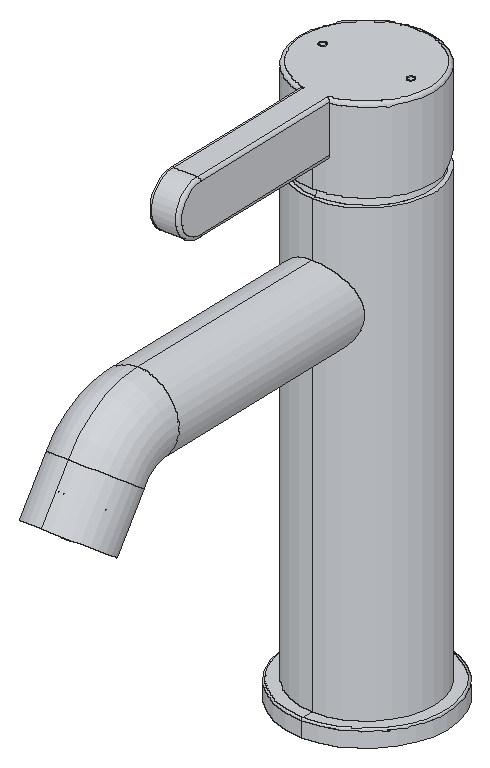
Revit family "Faucet-Lavatory-KOHLER-Atom-K-29335T", category Plumbing Fixtures, host Face, Revit 2021
Family settings
  Host = Face
  Round Connector Dimension = Use Diameter
  Part Type = Normal
  OmniClass Number = 23.31.11.00
  OmniClass Title = Faucets
  Cut with Voids When Loaded = No
  Shared = No
  Room Calculation Point = No
Parameters (values of type "CP-Polished Chrome")
  Width = 1.9685"  # constant formula
  WaterSense Certified = 1 = 0  # no
  Waste Water Outlet = "Waste Water Outlet"  # constant formula
  Waste Connection = 1 = 0  # no
  Vent Connection = 1 = 0  # no
  URL = "http://www.kohler.com.cn/"
  Type = 1
  Spout Reach = Length  # 4.33071"
  Product Page URL = ""
  Product Name = "Atom"  # constant formula
  Product Documentation Link = ""
  Pressure = 0.00 psi
  Model = "K-29335T-4-CP"  # constant formula
  Material = "Premium Metal Construction"  # constant formula
  Master Format 2014 Name = "Residential Faucets, Supplies, and Trim"  # constant formula
  Master Format 2014 = "22 41 39"  # constant formula
  Manufacturer Address = "Kohler Beijing Office (100016) 36-2-03-B, No. 88, Liuxiang Road, Beijing"  # constant formula
  Manufacturer = "Kohler Co."  # constant formula
  Length = 4.33071"  # constant formula
  Hot Water Inlet = "Hot Water Inlet"  # constant formula
  Height = 6.62992"  # constant formula
  Handle Clearance = 2.95276"  # constant formula
  HW Connection = 1 = 1  # yes
  Flow Rate = 2.2 GPM  # constant formula
  Finish = Kohler-Metal-CP-Polished_Chrome
  Environmental Product Declaration = ""
  Drain Included = 1 = 0  # no
  Description = "Single Control Lavatory Faucet With Upright Handle"  # constant formula
  Default Elevation = 36"
  Declare Label = ""
  Date Modified = "12/26/2023"  # constant formula
  Date Created = "12/26/2023"  # constant formula
  Copyright = "Copyright Kohler Co."  # constant formula
  Contact Us = "http://www.kohler.com.cn/contact/contact-us/"
  Cold Water Inlet = "Cold Water Inlet"  # constant formula
  CW Connection = 1 = 1  # yes
  Assembly Code = "D2010"
  ADA Compliant = 1 = 0  # no
Reference planes (in)
  plane 1 "Center (Front/Back)": y = 0
  plane 2: z = 0
  plane 3 "Center (Left/Right)": x = 0
  plane 4: y = 0.98425
  plane 5: x = -0.98425
  plane 6: x = 0.98425
  plane 7: y = -0.98425
  plane 8: y = -2.95276
  plane 9: y = -4.71654
  plane 10: z = 3.55512
  plane 11: z = 6.62992
  plane 12: y = -4.33071
  plane 13: through (0, -2.1777, 6.62994) normal (0, -0.8192, 0.5736)
  plane 14: x = -0.51181
  plane 15: x = 0.51181
  plane 16: x = -0.7874
  plane 17: y = 0.7874
  plane 18: x = 0.7874
  plane 19: y = -0.7874
  plane 20: through (0, 0.74802, 0) normal (0, 0.5736, 0.8192)
Dimensions and locks (in)
  plane 9 to plane 1 "Center (Front/Back)" = 4.71654"
  plane 14 to plane 15 = 1.02362"
  plane 1 "Center (Front/Back)" to plane 17 = 0.7874"
  plane 16 to plane 14 = 0.27559"
  "Height": plane 11 to level
  "Handle Clearance": plane 1 "Center (Front/Back)" to plane 8
  plane 4 to plane 9 = 5.70079"
  level to plane 10 = 3.55512"
  plane 4 to plane 7 = 1.9685"
  "Length": plane 1 "Center (Front/Back)" to plane 12
  "Width": plane 5 to plane 6
  aligned and locked: plane 2 to host face
  aligned and locked: level to host face
  aligned and locked: plane 1 "Center (Front/Back)" to nested 1
  aligned and locked: plane 3 "Center (Left/Right)" to nested 1
Automatic sketch dimensions
  host sketch curve to host sketch curve = 96"  (x2)
Nested families (in)
  nested 1: "K-29335T" at (0, 0, 0), type "K-29335T"
Connectors (in)
  piping at (-0.51181, 0, 0), diameter 0.5, driven by "Flow Rate", driven by "HW Connection", driven by "Hot Water Inlet"
    settings: on nested 1, index 1, connector inside diameter 24", connector length 0", flow factor 0, pipe flow 2.2 GPM, pressure drop 0.00 psi, fitting loss kfactor 0, connector angle 0.00°, fixture units 0, engagement length 0", angle of deflection 0.00°, flow configuration 1, flow direction 1, fitting loss method 0, system type 19, joint type 0, gender type 0, connector reference index -1, connector utility 1, adjustable connector no, is connector primary yes, connector description "Hot Water Inlet"
  piping at (0.51181, 0, 0), diameter 0.5, driven by "Flow Rate", driven by "CW Connection", driven by "Cold Water Inlet"
    settings: on nested 1, index 2, connector inside diameter 24", connector length 0", flow factor 0, pipe flow 2.2 GPM, pressure drop 0.00 psi, fitting loss kfactor 0, connector angle 0.00°, fixture units 0, engagement length 0", angle of deflection 0.00°, flow configuration 1, flow direction 1, fitting loss method 0, system type 20, joint type 0, gender type 0, connector reference index -1, connector utility 1, adjustable connector no, is connector primary no, connector description "Cold Water Inlet"
Definition of nested family "K-29335T"
  Parameters
    Material = none
    Default Elevation = 0"
  Reference planes (in)
    plane 1 "Center (Front/Back)": y = 0
    plane 2: z = 0
    plane 3 "Center (Left/Right)": x = 0
    plane 4: y = 0.98425
    plane 5: y = -0.98425
    plane 6: z = 6.62992
    plane 7: y = -4.33071
    plane 8: y = -4.71654
    plane 9: x = -0.98425
    plane 10: x = 0.98425
    plane 11: y = -2.95276
    plane 12: z = 3.55512
    plane 13: through (0, -4.33071, 3.55512) normal (0, 0.8192, -0.5736)
    plane 14: x = 0.51181
    plane 15: x = -0.51181
    plane 16: x = -0.7874
    plane 17: x = 0.7874
    plane 18: y = -0.7874
    plane 19: y = 0.7874
    plane 20: through (0, -4.71654, 3.82632) normal (0, -0.5736, -0.8192)
  Forms (in)
    Revolve 1, solid, material <- "Material", detail levels medium+fine
      sketch origin (0, 0, 0) x (0, 1, 0) y (0, 0, 1)
        loop
          line (0, 0) -> (0.94478, 0) -> (0.94478, 0.17717)
          arc (0.94478, 0.17717) -> (0.93902, 0.19108) -> (0.9251, 0.19685) r 0.01969
          line (0.9251, 0.19685) -> (0.7874, 0.19685) -> (0.7874, 5.53916) -> (0.73239, 5.53916)
          arc (0.73239, 5.53916) -> (0.66595, 5.7435) -> (0.5446, 5.92082) r 0.75436
          line (0.5446, 5.92082) -> (0, 5.92082) -> (0, 0)
        axis (0, 0) -> (0, 5.92082)
      angle from 0 to 360
    Revolve 2, solid, material <- "Material", detail levels medium+fine
      sketch origin (0, 0, 0) x (0, 1, 0) y (0, 0, 1)
        loop
          line (0, 5.64536) -> (0, 6.62994) -> (-0.74803, 6.62994)
          arc (-0.74803, 6.62994) -> (-0.77587, 6.61841) -> (-0.7874, 6.59057) r 0.03937
          line (-0.7874, 6.59057) -> (-0.7874, 5.64536) -> (0, 5.64536)
        axis (0, 6.62994) -> (0, 5.64536)
      angle from 0 to 360
    Extrusion 3, void
      sketch origin (0, 0, 0) x (0, 1, 0) y (0, 0, 1)
        loop
          line (0.98812, 5.96475) -> (-0.00947, 5.59583) -> (0.98812, 5.59583) -> (0.98812, 5.96475)
      from -1.0149 to 1.00536
    Extrusion 4, void
      sketch origin (0, 0, 0) x (1, 0, 0) y (0, 0, 1)
        loop
          circle (0, 6.26388) r 0.14173
      from -0.98812 to -0.64136
    Extrusion 5, solid, detail levels medium+fine
      sketch origin (0, 0, 0) x (1, 0, 0) y (0, 0, 1)
        loop
          circle (0, 6.26388) r 0.1378
      from -0.78748 to -0.64136
    Revolve 6, solid, material <- "Material", detail levels coarse
      sketch origin (0, 0, 0) x (0, 1, 0) y (0, 0, 1)
        loop
          line (0, 0) -> (0.98425, 0) -> (0.98425, 0.19685) -> (0.7874, 0.19685) -> (0.7874, 5.60121) -> (0.58407, 5.92082) -> (0, 5.92082) -> (0, 0)
        axis (0, 0) -> (0, 5.92082)
      angle from 0 to 360
    Revolve 7, solid, material <- "Material", detail levels coarse
      sketch origin (0, 0, 0) x (0, 1, 0) y (0, 0, 1)
        loop
          line (0, 5.64536) -> (0, 6.62994) -> (-0.74803, 6.62994)
          arc (-0.74803, 6.62994) -> (-0.77587, 6.61841) -> (-0.7874, 6.59057) r 0.03937
          line (-0.7874, 6.59057) -> (-0.7874, 5.64536) -> (0, 5.64536)
        axis (0, 6.62994) -> (0, 5.64536)
      angle from 0 to 360
    Sweep 8, solid, material <- "Material", detail levels medium+fine
      path origin (0, 0, 0) x (0, 1, 0) y (0, 0, 1)
        loop
          line (-4.33139, 3.55415) -> (-3.94567, 4.10503)
          arc (-3.94567, 4.10503) -> (-3.67372, 4.34352) -> (-3.32238, 4.42949) r 0.7609
          line (-3.32238, 4.42949) -> (-0.18232, 4.42949)
      profile origin (0, -1.75235, 4.42949) x (0, 0, 1) y (1, 0, 0)
        loop
          circle (0, 0) r 0.47244
    Sweep 9, void
      path origin (0, 0, 0) x (0, 1, 0) y (0, 0, 1)
        loop
          line (-4.3973, 3.46003) -> (-4.11658, 3.86094)
      profile origin (0, -4.25694, 3.66048) x (0, -0.819152, 0.573576) y (1, 0, 0)
        loop
          circle (0, 0) r 0.43307
    Revolve 10, solid, detail levels medium+fine
      sketch origin (0, 0, 0) x (0, 1, 0) y (0, 0, 1)
        loop
          line (-4.338, 3.54472) -> (-4.11658, 3.86094) -> (-4.47133, 4.10934) -> (-4.58424, 3.94809) -> (-4.47639, 3.87257) -> (-4.54101, 3.75262) -> (-4.50996, 3.73088)
          arc (-4.50996, 3.73088) -> (-4.43501, 3.62761) -> (-4.338, 3.54472) r 0.54215
        axis (-4.11658, 3.86094) -> (-4.338, 3.54472)
      angle from 0 to 360
    Extrusion 11, void
      sketch origin (0, 0, 0) x (0, 1, 0) y (0, 0, 1)
        loop
          line (-4.41231, 3.52874) -> (-4.32874, 3.47023) -> (-4.20965, 3.64032) -> (-4.29321, 3.69883) -> (-4.41231, 3.52874)
      from -0.34375 to 0.31622
    Sweep 12, solid, material <- "Material", detail levels coarse
      path origin (0, 0, 0) x (0, 1, 0) y (0, 0, 1)
        loop
          line (-4.33139, 3.55415) -> (-3.94567, 4.10503)
          arc (-3.94567, 4.10503) -> (-3.67372, 4.34352) -> (-3.32238, 4.42949) r 0.7609
          line (-3.32238, 4.42949) -> (-0.18232, 4.42949)
      profile origin (0, -1.75235, 4.42949) x (0, 0, 1) y (1, 0, 0)
        loop
          circle (0, 0) r 0.47244
    Extrusion 13, void
      sketch origin (0, 0, 0) x (1, 0, 0) y (0, 1, 0)
        loop
          circle (-0.51181, 0) r 0.03937
      from 6.53296 to 6.66894
    Extrusion 14, void
      sketch origin (0, 0, 0) x (-1, 0, 0) y (0, -1, 0)
        loop
          circle (-0.51181, 0) r 0.03937
      from 6.53296 to 6.66894
    Extrusion 15, solid
      sketch origin (0, 0, 0) x (1, 0, 0) y (0, 1, 0)
        loop
          circle (-0.51181, 0) r 0.03937
      from 6.53296 to 6.62994
    Extrusion 16, solid
      sketch origin (0, 0, 0) x (-1, 0, 0) y (0, -1, 0)
        loop
          circle (-0.51181, 0) r 0.03937
      from 6.53296 to 6.62994
    Extrusion 17, solid, material <- "Material"
      sketch origin (0, 0, 0) x (1, 0, 0) y (0, 1, 0)
        loop
          circle (-0.51181, 0) r 0.11811
      from 0 to 0.19685
    Extrusion 18, solid, material <- "Material"
      sketch origin (0, 0, 0) x (1, 0, 0) y (0, 1, 0)
        loop
          circle (0.51181, 0) r 0.11811
      from 0 to 0.19685
    Sweep 19, solid, material <- "Material", detail levels medium+fine
      path origin (0, 0, 0) x (0, 1, 0) y (0, 0, 1)
        loop
          line (-0.37047, 6.62994) -> (-2.6343, 6.62994)
          arc (-2.6343, 6.62994) -> (-2.94925, 6.31499) -> (-2.6343, 6.00004) r 0.31495
          line (-2.6343, 6.00004) -> (-0.37047, 6.00004)
      profile origin (0, -1.50239, 6.62994) x (0, 0, -1) y (1, 0, 0)
        loop
          arc (0, -0.13845) -> (0.01153, -0.16629) -> (0.03937, -0.17782) r 0.03937
          line (0.03937, -0.17782) -> (0.07487, -0.17782) -> (0.07487, 0.17782) -> (0.03937, 0.17782)
          arc (0.03937, 0.17782) -> (0.01153, 0.16629) -> (0, 0.13845) r 0.03937
          line (0, 0.13845) -> (0, -0.13845)
    Extrusion 20, solid, material <- "Material", detail levels medium+fine
      sketch origin (0, 0, 0) x (0, 1, 0) y (0, 0, 1)
        loop
          line (-2.6343, 6.07492) -> (-0.71408, 6.07492) -> (-0.71408, 6.55507) -> (-2.6343, 6.55507)
          arc (-2.6343, 6.55507) -> (-2.87438, 6.31499) -> (-2.6343, 6.07492) r 0.24007
      from -0.17782 to 0.17782
    Extrusion 21, solid, material <- "Material", detail levels coarse
      sketch origin (0, 0, 0) x (0, 1, 0) y (0, 0, 1)
        loop
          line (-0.60747, 6.62994) -> (-2.62906, 6.62994)
          arc (-2.62906, 6.62994) -> (-2.94401, 6.31499) -> (-2.62906, 6.00004) r 0.31495
          line (-2.62906, 6.00004) -> (-0.60747, 6.00004) -> (-0.60747, 6.62994)
      from -0.17782 to 0.17782
  Cuts and joins
    Sweep 9 cuts Sweep 8
    Extrusion 11 cuts Revolve 10
    Extrusion 13, Extrusion 14 cuts Revolve 7
    joined: Revolve 7, Extrusion 21
    Extrusion 3, Extrusion 4, Extrusion 13, Extrusion 14 cuts Revolve 2
    joined: Revolve 2, Sweep 19, Extrusion 20
  Lines and regions (in)
    Masking region 1
      outline origin (0, 0, 0) x (1, 0, 0) y (0, 1, 0)
        loop
          arc (-0.98425, 0) -> (-0.8471, -0.50179) -> (-0.47244, -0.86269) r 0.97995
          line (-0.47244, -0.86269) -> (-0.47244, -4.33066)
          arc (-0.47244, -4.33066) -> (-0.45728, -4.43034) -> (-0.41315, -4.52101) r 0.33515
          arc (-0.41315, -4.52101) -> (-0.33562, -4.60507) -> (-0.23776, -4.66424) r 0.40693
          arc (-0.23776, -4.66424) -> (-0.12133, -4.7015) -> (0, -4.71654) r 0.65683
          arc (0, -4.71654) -> (0.12133, -4.7015) -> (0.23776, -4.66424) r 0.65683
          arc (0.23776, -4.66424) -> (0.33562, -4.60507) -> (0.41315, -4.52101) r 0.40693
          arc (0.41315, -4.52101) -> (0.45728, -4.43034) -> (0.47244, -4.33066) r 0.33515
          line (0.47244, -4.33066) -> (0.47244, -0.86269)
          arc (0.47244, -0.86269) -> (0.8471, -0.50179) -> (0.98425, 0) r 0.97995
          arc (0.98425, 0) -> (0.72525, 0.66541) -> (0.08454, 0.98061) r 0.98425
          arc (0.08454, 0.98061) -> (0.04231, 0.98334) -> (0, 0.98425) r 0.98425
          arc (0, 0.98425) -> (-0.04216, 0.98335) -> (-0.08424, 0.98064) r 0.98425
          arc (-0.08424, 0.98064) -> (-0.72514, 0.66552) -> (-0.98425, 0) r 0.98425
    Masking region 2
      outline origin (0, 0, 0) x (1, 0, 0) y (0, 0, 1)
        loop
          line (-0.7874, 6.59055) -> (-0.7874, 5.6457) -> (-0.7314, 5.6457)
          arc (-0.7314, 5.6457) -> (-0.74734, 5.59322) -> (-0.75653, 5.53914) r 0.43336
          line (-0.75653, 5.53914) -> (-0.7874, 5.53914) -> (-0.7874, 0.19688) -> (-0.96457, 0.19688)
          arc (-0.96457, 0.19688) -> (-0.97849, 0.19111) -> (-0.98425, 0.17719) r 0.01969
          line (-0.98425, 0.17719) -> (-0.98425, 0) -> (0, 0) -> (0.98425, 0) -> (0.98425, 0.17719)
          arc (0.98425, 0.17719) -> (0.97849, 0.19111) -> (0.96457, 0.19688) r 0.01969
          line (0.96457, 0.19688) -> (0.7874, 0.19688) -> (0.7874, 5.53914) -> (0.75653, 5.53914)
          arc (0.75653, 5.53914) -> (0.74734, 5.59322) -> (0.7314, 5.6457) r 0.43336
          line (0.7314, 5.6457) -> (0.7874, 5.6457) -> (0.7874, 6.59055)
          arc (0.7874, 6.59055) -> (0.77587, 6.61839) -> (0.74803, 6.62992) r 0.03937
          line (0.74803, 6.62992) -> (0, 6.62992) -> (-0.74803, 6.62992)
          arc (-0.74803, 6.62992) -> (-0.77587, 6.61839) -> (-0.7874, 6.59055) r 0.03937
    Masking region 3
      outline origin (0, 0, 0) x (0, 1, 0) y (0, 0, 1)
        loop
          arc (0.7874, 6.59055) -> (0.77587, 6.61839) -> (0.74803, 6.62992) r 0.03937
          line (0.74803, 6.62992) -> (-2.63871, 6.62992)
          arc (-2.63871, 6.62992) -> (-2.79005, 6.59162) -> (-2.90496, 6.48594) r 0.31817
          arc (-2.90496, 6.48594) -> (-2.94209, 6.4041) -> (-2.95276, 6.31485) r 0.29396
          arc (-2.95276, 6.31485) -> (-2.94487, 6.22906) -> (-2.91229, 6.1493) r 0.29203
          arc (-2.91229, 6.1493) -> (-2.79611, 6.03524) -> (-2.63871, 5.99358) r 0.31817
          line (-2.63871, 5.99358) -> (-0.86614, 5.99358)
          arc (-0.86614, 5.99358) -> (-0.81046, 5.97052) -> (-0.7874, 5.91484) r 0.07874
          line (-0.7874, 5.91484) -> (-0.7874, 5.64542) -> (-0.7299, 5.64542)
          arc (-0.7299, 5.64542) -> (-0.74428, 5.59249) -> (-0.75655, 5.53903) r 1.38621
          line (-0.75655, 5.53903) -> (-0.7874, 5.53903) -> (-0.7874, 4.94864)
          arc (-0.7874, 4.94864) -> (-0.79893, 4.92081) -> (-0.82677, 4.90927) r 0.03937
          line (-0.82677, 4.90927) -> (-3.20361, 4.90927)
          arc (-3.20361, 4.90927) -> (-3.87298, 4.74548) -> (-4.39108, 4.29112) r 1.44963
          line (-4.39108, 4.29112) -> (-4.71654, 3.82632) -> (-3.94334, 3.28492) -> (-3.60574, 3.76706)
          arc (-3.60574, 3.76706) -> (-3.43995, 3.91246) -> (-3.22575, 3.96487) r 0.46388
          line (-3.22575, 3.96487) -> (-0.82677, 3.96487)
          arc (-0.82677, 3.96487) -> (-0.79893, 3.95334) -> (-0.7874, 3.9255) r 0.03937
          line (-0.7874, 3.9255) -> (-0.7874, 0.19685) -> (-0.96457, 0.19685)
          arc (-0.96457, 0.19685) -> (-0.97849, 0.19108) -> (-0.98425, 0.17717) r 0.01969
          line (-0.98425, 0.17717) -> (-0.98425, 0) -> (0, 0) -> (0.98425, 0) -> (0.98425, 0.17717)
          arc (0.98425, 0.17717) -> (0.97849, 0.19108) -> (0.96457, 0.19685) r 0.01969
          line (0.96457, 0.19685) -> (0.7874, 0.19685) -> (0.7874, 1.22045) -> (0.7874, 5.53917) -> (0.75665, 5.53917)
          arc (0.75665, 5.53917) -> (0.71167, 5.69256) -> (0.63735, 5.83408) r 0.80761
          line (0.63735, 5.83408) -> (0.7874, 5.88869) -> (0.7874, 6.59055)
    symbolic lines, detail levels medium+fine
      curve 1: arc (0, 0.82626, 0) -> (-0.03711, 0.82539, 0) -> (-0.07414, 0.82285, 0) r 0.82668
      curve 2: line (-0.47244, -0.86269, 0) -> (-0.47244, -0.70151, 0)
      curve 3: arc (-0.49089, -0.6649, 0) -> (-0.47732, -0.68101, 0) -> (-0.47244, -0.70151, 0) r 0.04554
      curve 4: arc (-0.47244, -0.83704, 0) -> (-0.93205, 0.24725, 0) -> (0, 0.96712, 0) r 0.96409
      curve 5: line (-0.07414, 0.82285, 0) -> (-0.12447, 0.82285, 0)
      curve 6: arc (-0.12447, 0.82285, 0) -> (-0.13974, 0.82, 0) -> (-0.15294, 0.81182, 0) r 0.04225
      curve 7: arc (0, 0.78781, 0) -> (-0.78002, 0.1035, 0) -> (-0.20573, -0.76073, 0) r 0.7881
      curve 8: circle (-0.51181, 0, 0) r 0.03937 normal (0, 0, 1)
      curve 9: line (-0.47244, -3.21903, 0) -> (0, -3.21903, 0)
      curve 10: arc (0, -4.37926, 0) -> (-0.22601, -4.33153, 0) -> (-0.40785, -4.18908, 0) r 0.51056
      curve 11: arc (-0.40785, -4.18908, 0) -> (-0.45116, -4.11627, 0) -> (-0.47244, -4.03426, 0) r 0.30058
      curve 12: arc (0, 0.82626, 0) -> (0.03711, 0.82539, 0) -> (0.07414, 0.82285, 0) r 0.82668
      curve 13: line (0.47244, -0.86269, 0) -> (0.47244, -0.70151, 0)
      curve 14: arc (0.49089, -0.6649, 0) -> (0.47732, -0.68101, 0) -> (0.47244, -0.70151, 0) r 0.04554
      curve 15: arc (0.47244, -0.83704, 0) -> (0.93205, 0.24725, 0) -> (0, 0.96712, 0) r 0.96409
      curve 16: line (0.07414, 0.82285, 0) -> (0.12447, 0.82285, 0)
      curve 17: arc (0.12447, 0.82285, 0) -> (0.13974, 0.82, 0) -> (0.15294, 0.81182, 0) r 0.04225
      curve 18: arc (0, 0.78781, 0) -> (0.78002, 0.1035, 0) -> (0.20573, -0.76073, 0) r 0.7881
      curve 19: circle (0.51181, 0, 0) r 0.03937 normal (0, 0, -1)
      curve 20: line (0.47244, -3.21903, 0) -> (0, -3.21903, 0)
      curve 21: arc (0, -4.37926, 0) -> (0.22601, -4.33153, 0) -> (0.40785, -4.18908, 0) r 0.51056
      curve 22: arc (0.40785, -4.18908, 0) -> (0.45116, -4.11627, 0) -> (0.47244, -4.03426, 0) r 0.30058
      curve 23: line (-0.98425, 0, 0.17719) -> (0, 0, 0.17719)
      curve 24: line (-0.7874, 0, 0.19688) -> (0, 0, 0.19688)
      curve 25: line (-0.75653, 0, 5.53914) -> (0, 0, 5.53914)
      curve 26: line (-0.745, 0, 5.6457) -> (0, 0, 5.6457)
      curve 27: line (-0.7874, 0, 6.59055) -> (-0.17782, 0, 6.59057)
      curve 28: arc (0, 0, 4.90682) -> (-0.33969, 0, 4.75346) -> (-0.47144, 0, 4.40481) r 0.48697
      curve 29: line (-0.47144, 0, 4.40481) -> (-0.47144, 0, 3.55426)
      curve 30: arc (-0.47144, 0, 3.55426) -> (-0.45911, 0, 3.49103) -> (-0.42393, 0, 3.43707) r 0.16829
      curve 31: arc (-0.42393, 0, 3.43707) -> (-0.31912, 0, 3.35615) -> (-0.19572, 0, 3.30812) r 0.46424
      curve 32: arc (-0.19572, 0, 3.30812) -> (-0.0985, 0, 3.29128) -> (0, 0, 3.28551) r 0.87324
      curve 33: arc (-0.47144, 0, 3.55426) -> (-0.45911, 0, 3.61749) -> (-0.42393, 0, 3.67145) r 0.16829
      curve 34: arc (-0.42393, 0, 3.67145) -> (-0.31912, 0, 3.75236) -> (-0.19572, 0, 3.80039) r 0.46424
      curve 35: arc (-0.19572, 0, 3.80039) -> (-0.0985, 0, 3.81724) -> (0, 0, 3.82301) r 0.87324
      curve 36: spline (0, 0, 3.80346) -> (-0.0268, 0, 3.80299) -> (-0.0535, 0, 3.80156) -> (-0.08, 0, 3.79918) -> (-0.10618, 0, 3.79587) -> (-0.13196, 0, 3.79164) -> (-0.15724, 0, 3.7865) -> (-0.18191, 0, 3.78047) -> (-0.20588, 0, 3.77357) -> (-0.22906, 0, 3.76584) -> (-0.25137, 0, 3.7573) -> (-0.2727, 0, 3.74798) -> (-0.293, 0, 3.73793)
      curve 37: line (-0.27506, 0, 3.55426) -> (0, 0, 3.55426)
      curve 38: line (-0.28363, 0, 3.59539) -> (-0.2944, 0, 3.65647)
      curve 39: arc (-0.2944, 0, 3.65647) -> (-0.2976, 0, 3.6973) -> (-0.2929, 0, 3.73798) r 0.21257
      curve 40: spline (-0.293, 0, 3.73793) -> (-0.35043, 0, 3.70091) -> (-0.39392, 0, 3.65809) -> (-0.42172, 0, 3.61117) -> (-0.43274, 0, 3.56202) -> (-0.42653, 0, 3.51259) -> (-0.40335, 0, 3.46485) -> (-0.3641, 0, 3.4207) -> (-0.31037, 0, 3.3819) -> (-0.24428, 0, 3.35) -> (-0.16846, 0, 3.32625) -> (-0.08594, 0, 3.31162) -> (0, 0, 3.30668)
      curve 41: arc (-0.47144, 0, 4.07055) -> (-0.26024, 0, 4.23305) -> (0, 0, 4.29039) r 0.61206
      curve 42: arc (-0.47144, 0, 4.40481) -> (-0.36229, 0, 4.786) -> (0, 0, 4.94714) r 0.46875
      curve 43: line (0.98425, 0, 0.17719) -> (0, 0, 0.17719)
      curve 44: line (0.7874, 0, 0.19688) -> (0, 0, 0.19688)
      curve 45: line (0.75653, 0, 5.53914) -> (0, 0, 5.53914)
      curve 46: line (0.745, 0, 5.6457) -> (0, 0, 5.6457)
      curve 47: line (0.7874, 0, 6.59055) -> (0.17782, 0, 6.59057)
      curve 48: arc (0, 0, 4.90682) -> (0.33969, 0, 4.75346) -> (0.47144, 0, 4.40481) r 0.48697
      curve 49: line (0.47144, 0, 4.40481) -> (0.47144, 0, 3.55426)
      curve 50: arc (0.47144, 0, 3.55426) -> (0.45911, 0, 3.49103) -> (0.42393, 0, 3.43707) r 0.16829
      curve 51: arc (0.42393, 0, 3.43707) -> (0.31912, 0, 3.35615) -> (0.19572, 0, 3.30812) r 0.46424
      curve 52: arc (0.19572, 0, 3.30812) -> (0.0985, 0, 3.29128) -> (0, 0, 3.28551) r 0.87324
      curve 53: arc (0.47144, 0, 3.55426) -> (0.45911, 0, 3.61749) -> (0.42393, 0, 3.67145) r 0.16829
      curve 54: arc (0.42393, 0, 3.67145) -> (0.31912, 0, 3.75236) -> (0.19572, 0, 3.80039) r 0.46424
      curve 55: arc (0.19572, 0, 3.80039) -> (0.0985, 0, 3.81724) -> (0, 0, 3.82301) r 0.87324
      curve 56: spline (0, 0, 3.80346) -> (0.0268, 0, 3.80299) -> (0.0535, 0, 3.80156) -> (0.08, 0, 3.79918) -> (0.10618, 0, 3.79587) -> (0.13196, 0, 3.79164) -> (0.15724, 0, 3.7865) -> (0.18191, 0, 3.78047) -> (0.20588, 0, 3.77357) -> (0.22906, 0, 3.76584) -> (0.25137, 0, 3.7573) -> (0.2727, 0, 3.74798) -> (0.293, 0, 3.73793)
      curve 57: line (0.27506, 0, 3.55426) -> (0, 0, 3.55426)
      curve 58: line (0.28363, 0, 3.59539) -> (0.2944, 0, 3.65647)
      curve 59: arc (0.2944, 0, 3.65647) -> (0.2976, 0, 3.6973) -> (0.2929, 0, 3.73798) r 0.21257
      curve 60: spline (0.293, 0, 3.73793) -> (0.35043, 0, 3.70091) -> (0.39392, 0, 3.65809) -> (0.42172, 0, 3.61117) -> (0.43274, 0, 3.56202) -> (0.42653, 0, 3.51259) -> (0.40335, 0, 3.46485) -> (0.3641, 0, 3.4207) -> (0.31037, 0, 3.3819) -> (0.24428, 0, 3.35) -> (0.16846, 0, 3.32625) -> (0.08594, 0, 3.31162) -> (0, 0, 3.30668)
      curve 61: arc (0.47144, 0, 4.07055) -> (0.26024, 0, 4.23305) -> (0, 0, 4.29039) r 0.61206
      curve 62: arc (0.47144, 0, 4.40481) -> (0.36229, 0, 4.786) -> (0, 0, 4.94714) r 0.46875
      curve 63: arc (0, 0.78748, 6.39556) -> (0, 0.77316, 6.26488) -> (0, 0.78748, 6.13421) r 0.60334
      curve 64: line (0, 0.11901, 5.64542) -> (0, -0.7299, 5.64542)
      curve 65: line (0, 0.7874, 0.19685) -> (0, 0, 0.19685)
      curve 66: line (0, 0.98425, 0.17717) -> (0, 0, 0.17717)
      curve 67: line (0, -0.7874, 0.19685) -> (0, 0, 0.19685)
      curve 68: line (0, -0.98425, 0.17717) -> (0, 0, 0.17717)
      curve 69: arc (0, -0.7874, 4.94864) -> (0, -0.60509, 4.43706) -> (0, -0.78745, 3.9255) r 0.80882
      curve 70: arc (0, -0.82677, 4.90927) -> (0, -0.66485, 4.43706) -> (0, -0.82682, 3.96487) r 0.76941
      curve 71: line (0, 0.75665, 5.53917) -> (0, -0.75655, 5.53903)
      curve 72: arc (0, -0.69569, 6.62992) -> (0, -0.71581, 6.61468) -> (0, -0.72325, 6.59055) r 0.04115
      curve 73: line (0, -0.72325, 6.59055) -> (0, -0.72325, 6.06986)
      curve 74: line (0, -0.79522, 6.59055) -> (0, -0.79522, 6.07651)
      curve 75: line (0, -0.79522, 6.59055) -> (0, -0.79522, 6.62992)
      curve 76: line (0, -4.39108, 4.29112) -> (0, -3.61788, 3.74972)
      curve 77: line (0, -3.20361, 4.90927) -> (0, -3.20361, 3.96487)
      curve 78: line (0, 0.64943, 5.83848) -> (0, 0.11901, 5.64542)
      curve 79: arc (-0.07414, 0.82285, 0) -> (-0.11367, 0.81829, 0) -> (-0.15294, 0.81182, 0) r 0.82668
      curve 80: arc (0.07414, 0.82285, 0) -> (0.11367, 0.81829, 0) -> (0.15294, 0.81182, 0) r 0.82668
      curve 81: arc (0.15294, 0.81182, 0) -> (0.80495, 0.18401, 0) -> (0.49089, -0.6649, 0) r 0.82668
      curve 82: arc (-0.15294, 0.81182, 0) -> (-0.80495, 0.18401, 0) -> (-0.49089, -0.6649, 0) r 0.82668
      curve 83: arc (0, -0.72325, 6.06986) -> (0, -0.73992, 5.98597) -> (0, -0.7874, 5.91484) r 0.21938
      curve 84: arc (0, -0.79522, 6.07651) -> (0, -0.81537, 6.02195) -> (0, -0.86614, 5.99358) r 0.08395
      curve 85: line (-0.17719, -0.86865, 0) -> (-0.17719, -2.91339, 0)
      curve 86: line (-0.14766, -0.83671, 0) -> (-0.14766, -2.90354, 0)
      curve 87: arc (-0.2336, -0.79314, 0) -> (-0.19285, -0.82152, 0) -> (-0.17719, -0.86865, 0) r 0.07874
      curve 88: arc (-0.20573, -0.76073, 0) -> (-0.16384, -0.7889, 0) -> (-0.14766, -0.83671, 0) r 0.07874
      curve 89: line (0.17719, -0.86865, 0) -> (0.17719, -2.91339, 0)
      curve 90: line (0.14766, -0.83671, 0) -> (0.14766, -2.90354, 0)
      curve 91: arc (0.20573, -0.76073, 0) -> (0.16384, -0.7889, 0) -> (0.14766, -0.83671, 0) r 0.07874
      curve 92: arc (0.2336, -0.79314, 0) -> (0.19285, -0.82152, 0) -> (0.17719, -0.86865, 0) r 0.07874
      curve 93: line (-0.13782, -2.95276, 0) -> (0.13782, -2.95276, 0)
      curve 94: line (-0.12798, -2.92323, 0) -> (0.12798, -2.92323, 0)
      curve 95: arc (-0.17719, -2.91339, 0) -> (-0.16566, -2.94122, 0) -> (-0.13782, -2.95276, 0) r 0.03937
      curve 96: arc (0.13782, -2.95276, 0) -> (0.16566, -2.94122, 0) -> (0.17719, -2.91339, 0) r 0.03937
      curve 97: arc (-0.14766, -2.90354, 0) -> (-0.1419, -2.91746, 0) -> (-0.12798, -2.92323, 0) r 0.01969
      curve 98: arc (0.12798, -2.92323, 0) -> (0.1419, -2.91746, 0) -> (0.14766, -2.90354, 0) r 0.01969
      curve 99: line (-0.17719, -2.63967, 0) -> (0.17719, -2.63967, 0)
      curve 100: line (-0.17782, 0, 6.59057) -> (-0.17782, 0, 6.03941)
      curve 101: line (0.17782, 0, 6.03941) -> (0.17782, 0, 6.59057)
      curve 102: arc (0.13845, 0, 6.62994) -> (0.16629, 0, 6.61841) -> (0.17782, 0, 6.59057) r 0.03937
      curve 103: arc (-0.17782, 0, 6.59057) -> (-0.16629, 0, 6.61841) -> (-0.13845, 0, 6.62994) r 0.03937
      curve 104: arc (-0.17782, 0, 6.03941) -> (-0.16629, 0, 6.01158) -> (-0.13845, 0, 6.00004) r 0.03937
      curve 105: line (-0.13845, 0, 6.00004) -> (0.13845, 0, 6.00004)
      curve 106: arc (0.13845, 0, 6.00004) -> (0.16629, 0, 6.01158) -> (0.17782, 0, 6.03941) r 0.03937
      curve 107: line (-0.13845, 0, 6.62994) -> (-0.13845, 0, 6.00004)
      curve 108: line (0.13845, 0, 6.62994) -> (0.13845, 0, 6.00004)
      curve 109: line (0, 0.7874, 6.59055) -> (0, -2.62376, 6.59055)
      curve 110: line (0, -0.72464, 6.04525) -> (0, -2.62376, 6.04525)
      curve 111: arc (0, -2.62376, 6.59055) -> (0, -2.89641, 6.3179) -> (0, -2.62376, 6.04525) r 0.27265
      curve 112: arc (-0.49089, -0.6649, 0) -> (-0.36786, -0.74029, 0) -> (-0.2336, -0.79314, 0) r 0.82668
      curve 113: arc (0.49089, -0.6649, 0) -> (0.36786, -0.74029, 0) -> (0.2336, -0.79314, 0) r 0.82668
      curve 114: arc (-0.20573, -0.76073, 0) -> (0, -0.78823, 0) -> (0.20573, -0.76073, 0) r 0.78346
      curve 115: spline (0.00038, 0, 3.76311) -> (-0.00568, 0, 3.76307) -> (-0.01174, 0, 3.76295) -> (-0.0178, 0, 3.76276) -> (-0.02385, 0, 3.76249) -> (-0.02989, 0, 3.76215) -> (-0.03592, 0, 3.76172) -> (-0.04192, 0, 3.76122) -> (-0.04791, 0, 3.76065) -> (-0.05388, 0, 3.76) -> (-0.05982, 0, 3.75927) -> (-0.06574, 0, 3.75847) -> (-0.07162, 0, 3.75759)
      curve 116: line (0.00038, 0, 3.61907) -> (-0.28023, 0, 3.61907)
      curve 117: spline (-0.28023, 0, 3.61907) -> (-0.28075, 0, 3.61687) -> (-0.28122, 0, 3.61467) -> (-0.28164, 0, 3.61246) -> (-0.28202, 0, 3.61025) -> (-0.28234, 0, 3.60804) -> (-0.28261, 0, 3.60582) -> (-0.28284, 0, 3.6036) -> (-0.28301, 0, 3.60139) -> (-0.28314, 0, 3.59917) -> (-0.28322, 0, 3.59694) -> (-0.28325, 0, 3.59472) -> (-0.28323, 0, 3.5925)
      curve 118: spline (-0.27467, 0, 3.55343) -> (-0.27363, 0, 3.55104) -> (-0.27253, 0, 3.54867) -> (-0.27137, 0, 3.5463) -> (-0.27015, 0, 3.54394) -> (-0.26888, 0, 3.54159) -> (-0.26754, 0, 3.53926) -> (-0.26615, 0, 3.53694) -> (-0.26471, 0, 3.53462) -> (-0.2632, 0, 3.53233) -> (-0.26164, 0, 3.53004) -> (-0.26002, 0, 3.52777) -> (-0.25835, 0, 3.52551)
      curve 119: spline (0.00038, 0, 3.76311) -> (0.00645, 0, 3.76307) -> (0.01251, 0, 3.76295) -> (0.01857, 0, 3.76276) -> (0.02462, 0, 3.76249) -> (0.03066, 0, 3.76215) -> (0.03669, 0, 3.76172) -> (0.04269, 0, 3.76122) -> (0.04868, 0, 3.76065) -> (0.05465, 0, 3.76) -> (0.06059, 0, 3.75927) -> (0.06651, 0, 3.75847) -> (0.07239, 0, 3.75759)
      curve 120: line (0.00038, 0, 3.61907) -> (0.281, 0, 3.61907)
      curve 121: spline (0.281, 0, 3.61907) -> (0.28143, 0, 3.61727) -> (0.28183, 0, 3.61547) -> (0.28219, 0, 3.61367) -> (0.28252, 0, 3.61186) -> (0.28282, 0, 3.61005) -> (0.28308, 0, 3.60824) -> (0.28331, 0, 3.60643) -> (0.28351, 0, 3.60462) -> (0.28368, 0, 3.6028) -> (0.28381, 0, 3.60099) -> (0.28391, 0, 3.59917) -> (0.28398, 0, 3.59735)
      curve 122: spline (0.27544, 0, 3.55343) -> (0.2744, 0, 3.55104) -> (0.2733, 0, 3.54867) -> (0.27214, 0, 3.5463) -> (0.27092, 0, 3.54394) -> (0.26965, 0, 3.54159) -> (0.26831, 0, 3.53926) -> (0.26692, 0, 3.53694) -> (0.26548, 0, 3.53462) -> (0.26397, 0, 3.53233) -> (0.26241, 0, 3.53004) -> (0.26079, 0, 3.52777) -> (0.25912, 0, 3.52551)
      curve 123: line (-0.25835, 0, 3.66361) -> (0.00038, 0, 3.66361)
      curve 124: spline (-0.25835, 0, 3.66361) -> (-0.26096, 0, 3.66006) -> (-0.26343, 0, 3.65647) -> (-0.26575, 0, 3.65284) -> (-0.26794, 0, 3.64919) -> (-0.26998, 0, 3.6455) -> (-0.27188, 0, 3.64179) -> (-0.27364, 0, 3.63806) -> (-0.27525, 0, 3.6343) -> (-0.27672, 0, 3.63052) -> (-0.27804, 0, 3.62672) -> (-0.27921, 0, 3.6229) -> (-0.28023, 0, 3.61907)
      curve 125: line (0.25912, 0, 3.66361) -> (0.00038, 0, 3.66361)
      curve 126: spline (0.25912, 0, 3.66361) -> (0.26173, 0, 3.66006) -> (0.2642, 0, 3.65647) -> (0.26652, 0, 3.65284) -> (0.26871, 0, 3.64919) -> (0.27075, 0, 3.6455) -> (0.27265, 0, 3.64179) -> (0.27441, 0, 3.63806) -> (0.27602, 0, 3.6343) -> (0.27749, 0, 3.63052) -> (0.27881, 0, 3.62672) -> (0.27998, 0, 3.6229) -> (0.281, 0, 3.61907)
      curve 127: line (-0.20323, 0, 3.7119) -> (0.204, 0, 3.7119)
      curve 128: spline (-0.18693, 0, 3.72113) -> (-0.18833, 0, 3.72039) -> (-0.18973, 0, 3.71964) -> (-0.19112, 0, 3.71889) -> (-0.1925, 0, 3.71814) -> (-0.19387, 0, 3.71737) -> (-0.19523, 0, 3.71661) -> (-0.19659, 0, 3.71584) -> (-0.19793, 0, 3.71506) -> (-0.19927, 0, 3.71428) -> (-0.2006, 0, 3.71349) -> (-0.20192, 0, 3.7127) -> (-0.20323, 0, 3.7119)
      curve 129: spline (0.1877, 0, 3.72113) -> (0.1891, 0, 3.72039) -> (0.1905, 0, 3.71964) -> (0.19189, 0, 3.71889) -> (0.19327, 0, 3.71814) -> (0.19464, 0, 3.71737) -> (0.196, 0, 3.71661) -> (0.19736, 0, 3.71584) -> (0.1987, 0, 3.71506) -> (0.20004, 0, 3.71428) -> (0.20137, 0, 3.71349) -> (0.20269, 0, 3.7127) -> (0.204, 0, 3.7119)
      curve 130: line (-0.24802, 0, 3.51321) -> (0.00038, 0, 3.51321)
      curve 131: line (0.24879, 0, 3.51321) -> (0.00038, 0, 3.51321)
      curve 132: line (-0.18087, 0, 3.46492) -> (0.18164, 0, 3.46492)
      curve 133: spline (-0.24802, 0, 3.51321) -> (-0.24492, 0, 3.50995) -> (-0.2417, 0, 3.50674) -> (-0.23836, 0, 3.50357) -> (-0.2349, 0, 3.50044) -> (-0.23133, 0, 3.49736) -> (-0.22764, 0, 3.49433) -> (-0.22384, 0, 3.49135) -> (-0.21993, 0, 3.48842) -> (-0.21592, 0, 3.48554) -> (-0.21179, 0, 3.48271) -> (-0.20756, 0, 3.47994) -> (-0.20323, 0, 3.47723)
      curve 134: spline (0.24879, 0, 3.51321) -> (0.24569, 0, 3.50995) -> (0.24247, 0, 3.50674) -> (0.23913, 0, 3.50357) -> (0.23567, 0, 3.50044) -> (0.2321, 0, 3.49736) -> (0.22841, 0, 3.49433) -> (0.22461, 0, 3.49135) -> (0.2207, 0, 3.48842) -> (0.21669, 0, 3.48554) -> (0.21256, 0, 3.48271) -> (0.20833, 0, 3.47994) -> (0.204, 0, 3.47723)
      curve 135: spline (-0.18087, 0, 3.46492) -> (-0.1777, 0, 3.46338) -> (-0.17448, 0, 3.46186) -> (-0.17123, 0, 3.46037) -> (-0.16795, 0, 3.45891) -> (-0.16463, 0, 3.45748) -> (-0.16127, 0, 3.45607) -> (-0.15788, 0, 3.4547) -> (-0.15446, 0, 3.45335) -> (-0.151, 0, 3.45203) -> (-0.14751, 0, 3.45075) -> (-0.144, 0, 3.44949) -> (-0.14045, 0, 3.44826)
      curve 136: spline (0.18164, 0, 3.46492) -> (0.17847, 0, 3.46338) -> (0.17525, 0, 3.46186) -> (0.172, 0, 3.46037) -> (0.16872, 0, 3.45891) -> (0.1654, 0, 3.45748) -> (0.16204, 0, 3.45607) -> (0.15865, 0, 3.4547) -> (0.15523, 0, 3.45335) -> (0.15177, 0, 3.45203) -> (0.14828, 0, 3.45075) -> (0.14477, 0, 3.44949) -> (0.14122, 0, 3.44826)
      curve 137: line (-0.25835, 0, 3.66361) -> (-0.25835, 0, 3.61907)
      curve 138: line (-0.20323, 0, 3.7119) -> (-0.20323, 0, 3.61907)
      curve 139: line (-0.14045, 0, 3.74086) -> (-0.14045, 0, 3.61907)
      curve 140: line (-0.07162, 0, 3.75759) -> (-0.07162, 0, 3.61907)
      curve 141: spline (-0.20323, 0, 3.7119) -> (-0.20887, 0, 3.70834) -> (-0.21433, 0, 3.70469) -> (-0.21961, 0, 3.70094) -> (-0.22471, 0, 3.69711) -> (-0.22962, 0, 3.69319) -> (-0.23433, 0, 3.68918) -> (-0.23885, 0, 3.6851) -> (-0.24317, 0, 3.68094) -> (-0.24728, 0, 3.67671) -> (-0.25118, 0, 3.67241) -> (-0.25487, 0, 3.66804) -> (-0.25835, 0, 3.66361)
      curve 142: spline (-0.14158, 0, 3.74048) -> (-0.1456, 0, 3.73907) -> (-0.14957, 0, 3.73763) -> (-0.15351, 0, 3.73614) -> (-0.1574, 0, 3.73462) -> (-0.16125, 0, 3.73306) -> (-0.16506, 0, 3.73147) -> (-0.16882, 0, 3.72983) -> (-0.17254, 0, 3.72816) -> (-0.17621, 0, 3.72646) -> (-0.17983, 0, 3.72471) -> (-0.1834, 0, 3.72294) -> (-0.18693, 0, 3.72113)
      curve 143: spline (-0.07162, 0, 3.75759) -> (-0.07761, 0, 3.75661) -> (-0.08357, 0, 3.75556) -> (-0.08948, 0, 3.75442) -> (-0.09536, 0, 3.75322) -> (-0.10118, 0, 3.75193) -> (-0.10696, 0, 3.75057) -> (-0.11269, 0, 3.74914) -> (-0.11836, 0, 3.74763) -> (-0.12397, 0, 3.74605) -> (-0.12953, 0, 3.74439) -> (-0.13502, 0, 3.74266) -> (-0.14045, 0, 3.74086)
      curve 144: line (0.00038, 0, 3.76311) -> (0.00038, 0, 3.61907)
      curve 145: line (0.25912, 0, 3.66361) -> (0.25912, 0, 3.61907)
      curve 146: line (0.204, 0, 3.7119) -> (0.204, 0, 3.61907)
      curve 147: line (0.14122, 0, 3.74086) -> (0.14122, 0, 3.61907)
      curve 148: line (0.07239, 0, 3.75759) -> (0.07239, 0, 3.61907)
      curve 149: spline (0.07239, 0, 3.75759) -> (0.07838, 0, 3.75661) -> (0.08434, 0, 3.75556) -> (0.09025, 0, 3.75442) -> (0.09613, 0, 3.75322) -> (0.10195, 0, 3.75193) -> (0.10773, 0, 3.75057) -> (0.11346, 0, 3.74914) -> (0.11913, 0, 3.74763) -> (0.12474, 0, 3.74605) -> (0.1303, 0, 3.74439) -> (0.13579, 0, 3.74266) -> (0.14122, 0, 3.74086)
      curve 150: spline (0.14122, 0, 3.74086) -> (0.14534, 0, 3.73944) -> (0.14942, 0, 3.73797) -> (0.15345, 0, 3.73646) -> (0.15744, 0, 3.73491) -> (0.16139, 0, 3.73332) -> (0.1653, 0, 3.73169) -> (0.16915, 0, 3.73003) -> (0.17296, 0, 3.72832) -> (0.17672, 0, 3.72658) -> (0.18043, 0, 3.7248) -> (0.18409, 0, 3.72298) -> (0.1877, 0, 3.72113)
      curve 151: spline (0.204, 0, 3.7119) -> (0.20964, 0, 3.70834) -> (0.2151, 0, 3.70469) -> (0.22038, 0, 3.70094) -> (0.22548, 0, 3.69711) -> (0.23039, 0, 3.69319) -> (0.2351, 0, 3.68918) -> (0.23962, 0, 3.6851) -> (0.24394, 0, 3.68094) -> (0.24805, 0, 3.67671) -> (0.25195, 0, 3.67241) -> (0.25564, 0, 3.66804) -> (0.25912, 0, 3.66361)
      curve 152: line (-0.25835, 0, 3.52551) -> (-0.25835, 0, 3.55426)
      curve 153: line (-0.20323, 0, 3.47723) -> (-0.20323, 0, 3.55426)
      curve 154: line (-0.14045, 0, 3.44826) -> (-0.14045, 0, 3.55426)
      curve 155: line (-0.07162, 0, 3.43154) -> (-0.07162, 0, 3.55426)
      curve 156: line (0.00038, 0, 3.42602) -> (0.00038, 0, 3.55426)
      curve 157: line (0.25912, 0, 3.52551) -> (0.25912, 0, 3.55426)
      curve 158: line (0.204, 0, 3.47723) -> (0.204, 0, 3.55426)
      curve 159: line (0.14122, 0, 3.44826) -> (0.14122, 0, 3.55426)
      curve 160: line (0.07239, 0, 3.43154) -> (0.07239, 0, 3.55426)
      curve 161: spline (-0.28323, 0, 3.5925) -> (-0.2831, 0, 3.58921) -> (-0.28287, 0, 3.58592) -> (-0.28254, 0, 3.58264) -> (-0.28209, 0, 3.57936) -> (-0.28154, 0, 3.57608) -> (-0.28088, 0, 3.57282) -> (-0.28011, 0, 3.56956) -> (-0.27923, 0, 3.56631) -> (-0.27825, 0, 3.56307) -> (-0.27716, 0, 3.55984) -> (-0.27597, 0, 3.55663) -> (-0.27467, 0, 3.55343)
      curve 162: spline (0.28398, 0, 3.59735) -> (0.28401, 0, 3.59366) -> (0.28391, 0, 3.58996) -> (0.28367, 0, 3.58627) -> (0.2833, 0, 3.58258) -> (0.28279, 0, 3.5789) -> (0.28214, 0, 3.57523) -> (0.28136, 0, 3.57156) -> (0.28045, 0, 3.5679) -> (0.2794, 0, 3.56426) -> (0.27821, 0, 3.56063) -> (0.27689, 0, 3.55702) -> (0.27544, 0, 3.55343)
      curve 163: spline (-0.25835, 0, 3.52551) -> (-0.25756, 0, 3.52447) -> (-0.25675, 0, 3.52343) -> (-0.25593, 0, 3.52239) -> (-0.2551, 0, 3.52136) -> (-0.25425, 0, 3.52033) -> (-0.2534, 0, 3.5193) -> (-0.25253, 0, 3.51827) -> (-0.25165, 0, 3.51725) -> (-0.25076, 0, 3.51624) -> (-0.24986, 0, 3.51522) -> (-0.24894, 0, 3.51422) -> (-0.24802, 0, 3.51321)
      curve 164: spline (0.25912, 0, 3.52551) -> (0.25833, 0, 3.52447) -> (0.25752, 0, 3.52343) -> (0.2567, 0, 3.52239) -> (0.25587, 0, 3.52136) -> (0.25502, 0, 3.52033) -> (0.25417, 0, 3.5193) -> (0.2533, 0, 3.51827) -> (0.25242, 0, 3.51725) -> (0.25153, 0, 3.51624) -> (0.25063, 0, 3.51522) -> (0.24971, 0, 3.51422) -> (0.24879, 0, 3.51321)
      curve 165: spline (0.204, 0, 3.47723) -> (0.20222, 0, 3.47615) -> (0.20043, 0, 3.47508) -> (0.19862, 0, 3.47402) -> (0.1968, 0, 3.47297) -> (0.19496, 0, 3.47193) -> (0.1931, 0, 3.4709) -> (0.19123, 0, 3.46988) -> (0.18934, 0, 3.46887) -> (0.18744, 0, 3.46787) -> (0.18552, 0, 3.46688) -> (0.18359, 0, 3.46589) -> (0.18164, 0, 3.46492)
      curve 166: spline (0.14122, 0, 3.44826) -> (0.13579, 0, 3.44646) -> (0.1303, 0, 3.44474) -> (0.12474, 0, 3.44308) -> (0.11913, 0, 3.4415) -> (0.11346, 0, 3.43999) -> (0.10773, 0, 3.43855) -> (0.10195, 0, 3.43719) -> (0.09613, 0, 3.43591) -> (0.09025, 0, 3.4347) -> (0.08434, 0, 3.43357) -> (0.07838, 0, 3.43252) -> (0.07239, 0, 3.43154)
      curve 167: spline (0.07239, 0, 3.43154) -> (0.06651, 0, 3.43066) -> (0.06059, 0, 3.42986) -> (0.05465, 0, 3.42913) -> (0.04868, 0, 3.42848) -> (0.04269, 0, 3.4279) -> (0.03669, 0, 3.4274) -> (0.03066, 0, 3.42698) -> (0.02462, 0, 3.42663) -> (0.01857, 0, 3.42636) -> (0.01251, 0, 3.42617) -> (0.00645, 0, 3.42606) -> (0.00038, 0, 3.42602)
      curve 168: spline (-0.07162, 0, 3.43154) -> (-0.06574, 0, 3.43066) -> (-0.05982, 0, 3.42986) -> (-0.05388, 0, 3.42913) -> (-0.04791, 0, 3.42848) -> (-0.04192, 0, 3.4279) -> (-0.03592, 0, 3.4274) -> (-0.02989, 0, 3.42698) -> (-0.02385, 0, 3.42663) -> (-0.0178, 0, 3.42636) -> (-0.01174, 0, 3.42617) -> (-0.00568, 0, 3.42606) -> (0.00038, 0, 3.42602)
      curve 169: spline (-0.14045, 0, 3.44826) -> (-0.13502, 0, 3.44646) -> (-0.12953, 0, 3.44474) -> (-0.12397, 0, 3.44308) -> (-0.11836, 0, 3.4415) -> (-0.11269, 0, 3.43999) -> (-0.10696, 0, 3.43855) -> (-0.10118, 0, 3.43719) -> (-0.09536, 0, 3.43591) -> (-0.08948, 0, 3.4347) -> (-0.08357, 0, 3.43357) -> (-0.07761, 0, 3.43252) -> (-0.07162, 0, 3.43154)
      curve 170: spline (-0.20323, 0, 3.47723) -> (-0.20145, 0, 3.47615) -> (-0.19966, 0, 3.47508) -> (-0.19785, 0, 3.47402) -> (-0.19603, 0, 3.47297) -> (-0.19419, 0, 3.47193) -> (-0.19233, 0, 3.4709) -> (-0.19046, 0, 3.46988) -> (-0.18857, 0, 3.46887) -> (-0.18667, 0, 3.46787) -> (-0.18475, 0, 3.46688) -> (-0.18282, 0, 3.46589) -> (-0.18087, 0, 3.46492)
  Dimensions and locks (in)
    aligned and locked: plane 2 to level
    aligned and locked: plane 1 "Center (Front/Back)" to Extrusion 17 sketch curve
    aligned and locked: plane 1 "Center (Front/Back)" to Extrusion 18 sketch curve
    aligned and locked: Masking region 2 sketch curve to plane 6
    aligned and locked: plane 6 to Masking region 2 sketch curve
    aligned and locked: Masking region 2 sketch curve to plane 2
    aligned and locked: plane 2 to Masking region 2 sketch curve
    aligned and locked: Masking region 3 sketch curve to plane 6
    aligned and locked: Masking region 3 sketch curve to plane 2
    aligned and locked: plane 2 to Masking region 3 sketch curve
    aligned and locked: plane 1 "Center (Front/Back)" to Extrusion 16 sketch curve
    aligned and locked: plane 14 to Extrusion 16 sketch curve
    aligned and locked: plane 14 to Extrusion 18 sketch curve
    aligned and locked: plane 1 "Center (Front/Back)" to Extrusion 15 sketch curve
    aligned and locked: plane 15 to Extrusion 15 sketch curve
    aligned and locked: plane 15 to Extrusion 17 sketch curve
    aligned and locked: plane 15 to Extrusion 13 sketch curve
    aligned and locked: plane 1 "Center (Front/Back)" to Extrusion 13 sketch curve
    aligned and locked: plane 14 to Extrusion 14 sketch curve
    aligned and locked: plane 1 "Center (Front/Back)" to Extrusion 14 sketch curve
    aligned and locked: plane 1 "Center (Front/Back)" to curve 19
    aligned and locked: plane 14 to curve 19
    aligned and locked: plane 1 "Center (Front/Back)" to curve 8
    aligned and locked: plane 15 to curve 8
    aligned and locked: Masking region 2 sketch curve to plane 16
    aligned and locked: Masking region 2 sketch curve to plane 17  (x2)
    aligned and locked: Masking region 3 sketch curve to plane 19  (x2)
    aligned and locked: plane 18 to Masking region 3 sketch curve  (x2)
    aligned and locked: Masking region 3 sketch curve to plane 18
    aligned and locked: plane 11 to curve 93
